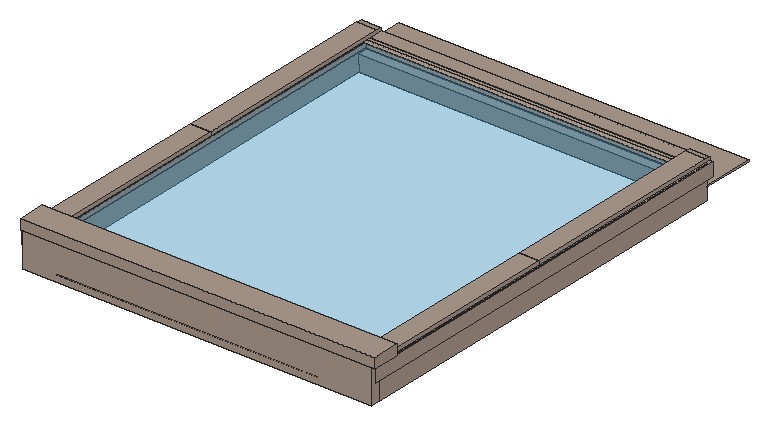
Revit family "GGL_v_1.01", category Окна, Revit 2017
Family settings
  Основа = Крыша
  Всегда вертикально = Нет
  При загрузке вырезать с полостями = Нет
  Общий = Нет
  Точка расчета площади = Нет
Parameters (values of type "Default")
  g-value = "0.66"
  Window Opening Angle = 0.00°
  Window Area = 2.14
  Ширина = 1340.000 mm
  Weight Net (kg) = ""
  Warranty Years = "5 (10 with BDX)"
  Warranty = ""
  Uniclass 2.0 Description = "Roof Window Units"
  Uniclass 2.0 Code = "PR-59-72"
  Uniclass 1.4 Description = "Rooflights/Roof windows"
  Uniclass 1.4 Code = "JL11"
  URL = "http://file-system.ru/catalog/zdaniya_i_sooruzheniya/eksterer/okna/mansardnoe_okno_velux_premium_ggl/"
  UNSPC code = 301516
  UNSPC Category = "Roofing accessories"
  ThermalTransmittance - Glazing = "1.1"
  ThermalTransmittance = "1.3"
  Thermal bridge(glazing) = 0.049
  Thermal bridge = "0.09"
  Thermal Transmittance(frame) = 1.3
  Technical description = ""
  Stock Product = ""
  Square Reveal Length = 150.000 mm
  Sound Insulation db = 32
  Roof Slope = 45.00°
  Product identifier = ""
  Product group = "GGL 1.01"
  Product family = "Center pivot hung roof window"
  Product data url = "http://www.velux.co.uk/private/products/velux_roof_windows/pivot/ggl"
  Product certification = ""
  Product SKU = "ggl101"
  Placement Height = 0.000 mm
  Perimeter Window = 5.88
  Perimeter Glazing = 5.13
  Panel Offset = -119.000 mm  # constant formula
  Operation Mode = "Manuel"
  Offset from Roof = Placement Height + 169.000 mm  # 169.000 mm
  Name of the object = "New Generation - GGL"
  NBS Reference Description = "Roof Window Units"
  NBS Reference = "59-72"
  Группа модели = "New Generation - GGL"
  Material secondary = Glass 73Q + ISD 0000
  Material main = Wood
  Manufacturer country = "Denmark"
  Manufacturer URL = "www.velux.com"
  Изготовитель = "VELUX A/S"  # constant formula
  Light transmittance = "0.80"
  Installation instructions = "http://www.velux.co.uk/professionals/installation"
  IFC Classification = "Window"
  Height = 1600.000 mm
  GlazingAreaFraction = "1.63"
  Function = "pivot hung roof window"
  Frame Area = 0.51
  Emergency Exit = 1 > 2  # no
  Edition number = "1"
  EAN code = ""
  Design country = "Denmark"
  Delivery Time = ""
  Date of publishing = "6/27/2013"
  Copyright = "VELUX A/S"  # constant formula
  COBIe Type Category = ""
  BIMobject Category = "Roof Window"
  Код по классификатору = "B3020110"
  Apron Visible [instance] = yes
  Angled opening top [instance] = 135.00°
  Angled opening bottom [instance] = 135.00°
  Angle = -(Window Opening Angle)  # 0.00°
  Allowed Roof Slope = "15°-90°"
Reference planes
  plane 1 "Center (Front/Back)": y = 0
  plane 2 "Roof": z = 4000
  plane 3 "Center (Left/Right)": x = 0
  plane 4: x = -690.1
  plane 5: x = 690.1
  plane 6: y = 817.55
  plane 7: y = -817.55
  plane 8: y = 75
  plane 9: y = -75
  plane 10: z = 4419
  plane 11: z = 4250
  plane 12: y = -797.55
  plane 13: y = -769.55
  plane 14: y = 769.55
  plane 15: x = -450
  plane 16: x = 450
  plane 17: z = 4331
  plane 18 "Roof Face": z = 4250
  plane 19: x = 463.5
  plane 20: x = -463.5
  plane 21: y = -767.45
  plane 22: z = 4175
  plane 23: y = 897.55
  plane 24: y = -897.55
  plane 25: x = 708.1
  plane 26: x = -708.1
  plane 27: x = 668.602
  plane 28: x = -668.602
  plane 29: x = -628
  plane 30: x = 628
  plane 31: y = -801.85
  plane 32: y = 809.15
  plane 33: x = 670
  plane 34: x = -670
  plane 35: y = 798.15
  plane 36: x = 642.697
  plane 37: x = -642.697
Forms (mm)
  Sweep 1, void
    path origin (0, 0, 4000) x (1, 0, 0) y (0, 1, 0)
      loop
        line (642.697, 0) -> (-642.697, 0)
    profile origin (0, 0, 4000) x (0, -1, 0) y (0, 0, 1)
      loop
        line (769.55, 250) -> (-769.55, 250) -> (-769.55, 100) -> (-869.55, 0) -> (869.55, 0) -> (769.55, 100) -> (769.55, 250)
  Sweep 2, solid, material "Wood" <- "Material main"
    path origin (232.881, -1270, 4419) x (0, -1, 0) y (1, 0, 0)
      loop
        line (-502.55, -922.981) -> (-2068.15, -922.981)
    profile origin (-690.1, 15.35, 4419) x (-1, 0, 0) y (0, 0, 1)
      loop
        line (-56.4, -216) -> (-20.1, -216) -> (-20.1, -88.8) -> (-62.1, -88.8) -> (-62.096, -177.827) -> (-56.4, -216)
  Sweep 3, solid, material "Wood" <- "Material main"
    path origin (232.881, -1270, 4419) x (0, -1, 0) y (1, 0, 0)
      loop
        line (-476.8, -922.981) -> (-2087.55, -922.981)
    profile origin (-690.1, 12.175, 4419) x (-1, 0, 0) y (0, 0, 1)
      loop
        line (-12.998, -138.3) -> (-11.998, -138.3) -> (-11.998, -87.65) -> (-38.148, -87.65) -> (-38.148, -78.15) -> (-39.148, -78.15) -> (-39.148, -88.65) -> (-12.998, -88.65) -> (-12.998, -138.3)
  Sweep 4, solid, material "Wood" <- "Material main"
    path origin (232.881, -1270, 4419) x (0, -1, 0) y (1, 0, 0)
      loop
        line (-2068.15, 457.219) -> (-502.55, 457.219)
    profile origin (690.1, 15.35, 4419) x (1, 0, 0) y (0, 0, 1)
      loop
        line (-20.1, -88.8) -> (-62.1, -88.8) -> (-62.096, -177.8) -> (-56.388, -216) -> (-20.1, -216) -> (-20.1, -88.8)
  Sweep 5, solid, material "Wood" <- "Material main"
    path origin (232.881, -1270, 4419) x (0, -1, 0) y (1, 0, 0)
      loop
        line (-452.45, -901.483) -> (-452.45, 435.721)
    profile origin (0, -817.55, 4419) x (0, 1, 0) y (0, 0, 1)
      loop
        line (31.3, -88.1) -> (15.7, -88.1) -> (15.7, -216) -> (56, -216) -> (56, -141.8) -> (39.4, -141.8) -> (39.4, -109.299) -> (31.3, -106.9) -> (31.3, -88.1)
  Sweep 6, solid, material "Wood" <- "Material main"
    path origin (232.881, -1270, 4419) x (0, -1, 0) y (1, 0, 0)
      loop
        line (-2087.55, 402.721) -> (-2087.55, -859.483)
    profile origin (4.5, 817.55, 4419) x (0, -1, 0) y (0, 0, 1)
      loop
        line (19.4, -216) -> (55.977, -216) -> (55.977, -160) -> (43.65, -160) -> (32.021, -116.6) -> (19.4, -114.078) -> (19.4, -216)
  Sweep 7, solid, material "white paint color NCS 0500-N"
    path origin (232.881, -1270, 4419) x (0, -1, 0) y (1, 0, 0)
      loop
        line (-452.45, -879.381) -> (-452.45, 413.619)
    profile origin (0, -817.55, 4419) x (0, 1, 0) y (0, 0, 1)
      loop
        line (31.3, -68.816) -> (31.3, -105.016) -> (39.4, -108.113) -> (39.4, -141.8) -> (80.4, -141.8) -> (80.4, -79.8) -> (70.4, -79.8) -> (70.4, -61.1) -> (39.556, -61.1) -> (31.3, -68.816)
  Sweep 8, solid, material "Wood" <- "Material main"
    path origin (232.881, -1270, 4419) x (0, -1, 0) y (1, 0, 0)
      loop
        line (-1270, 457.219) -> (-476.8, 457.219)
    profile origin (690.1, -396.6, 4419) x (1, 0, 0) y (0, 0, 1)
      loop
        line (-22.917, -71) -> (-98.287, -71) -> (-98.287, -84.964) -> (-22.917, -84.964) -> (-22.917, -71)
  Sweep 9, solid, material "Wood" <- "Material main"
    path origin (232.881, -1270, 4419) x (0, -1, 0) y (1, 0, 0)
      loop
        line (-452.45, 445.221) -> (-452.45, -910.983)
    profile origin (0, -817.55, 4419) x (0, -1, 0) y (0, 0, 1)
      loop
        line (-120.7, -87.95) -> (-15.7, -87.95) -> (-15.7, -47.9) -> (-120.7, -47.9) -> (-120.7, -87.95)
  Sweep 10, solid, material "Wood" <- "Material main"
    path origin (232.881, -1270, 4419) x (0, -1, 0) y (1, 0, 0)
      loop
        line (-2087.55, 457.219) -> (-476.8, 457.219)
    profile origin (690.1, 12.175, 4419) x (1, 0, 0) y (0, 0, 1)
      loop
        line (-11.998, -138.3) -> (-11.998, -87.65) -> (-38.148, -87.65) -> (-38.148, -78.15) -> (-39.148, -78.15) -> (-39.148, -88.65) -> (-12.998, -88.65) -> (-12.998, -138.3) -> (-11.998, -138.3)
  Sweep 11, solid, material "Wood" <- "Material main"
    path origin (232.881, -1270, 4419) x (0, -1, 0) y (1, 0, 0)
      loop
        line (-1270, -922.981) -> (-476.8, -922.981)
    profile origin (-690.1, -396.6, 4419) x (1, 0, 0) y (0, 0, 1)
      loop
        line (98.287, -71) -> (22.917, -71) -> (22.917, -84.964) -> (98.287, -84.964) -> (98.287, -71)
  Extrusion 12, solid, material "Wood" <- "Material main", visible <- "Apron Visible"
    sketch origin (232.881, -1380, 4250) x (0, -1, 0) y (1, 0, 0)
      loop
        line (-2178.15, -902.881) -> (-2178.15, 437.119) -> (-2378.15, 437.119) -> (-2378.15, -902.881) -> (-2178.15, -902.881)
    from 0 to 5
Cuts and joins
  joined: Sweep 2, Sweep 4, Sweep 5, Sweep 6
Lines and regions (mm)
  reference lines
    curve 1: line (0, 769.55, 4100) -> (0, -769.55, 4100)
    curve 2: line (0, 769.55, 4100) -> (0, 1179.961, 3689.589)
    curve 3: line (0, -769.55, 4100) -> (0, -1208.246, 3661.304)
    curve 8: line (-690.1, 0, 4419) -> (690.1, 0, 4419)
    curve 9: line (0, 0, 4250) -> (0, 900, 4250)
  symbolic lines
    curve 4: line (-690.1, 817.55, 4000) -> (0, -75, 4000)
    curve 5: line (0, -75, 4000) -> (690.1, 817.55, 4000)
    curve 6: line (-690.1, -817.55, 4000) -> (0, 75, 4000)
    curve 7: line (0, 75, 4000) -> (690.1, -817.55, 4000)
Dimensions and locks
  equal spacing: host sketch curve, plane 3 "Center (Left/Right)", host sketch curve
  equal spacing: host sketch curve, plane 1 "Center (Front/Back)", host sketch curve
  equal spacing: plane 4, plane 3 "Center (Left/Right)", plane 5
  "Ширина": plane 34 to plane 33
  equal spacing: plane 6, plane 1 "Center (Front/Back)", plane 7
  "Height": plane 35 to plane 31
  "Square Reveal Length": plane 18 "Roof Face" to curve 1
  plane 8 to plane 1 "Center (Front/Back)" to plane 9 = 75.000 mm locked, 75.000 mm locked
  locked: plane 7 to plane 12 at 20
  locked: plane 16 to plane 19 at 13.5
  locked: plane 20 to plane 15 at 13.5
  locked: plane 21 to plane 13 at 2.1
  locked: plane 27 to plane 5 at 21.498
  locked: plane 4 to plane 28 at 21.498
  locked: plane 13 to plane 24 at 128
  locked: plane 23 to plane 14 at 128
  locked: plane 7 to plane 13 at 48
  locked: plane 26 to plane 4 at 18
  locked: plane 5 to plane 25 at 18
  locked: plane 23 to plane 6 at 80
  locked: plane 10 to plane 11 at 169
  "Offset from Roof": plane 10 to host roof
  locked: plane 4 to plane 29 at 62.1
  locked: plane 30 to plane 5 at 62.1
  locked: plane 6 to plane 32 at 8.4
  locked: plane 31 to plane 12 at 4.3
  locked: plane 4 to plane 34 at 20.1
  locked: plane 33 to plane 5 at 20.1
  locked: Extrusion 12 sketch curve to Extrusion 12 sketch curve at 200
  locked: plane 32 to plane 35 at 11
  locked: plane 37 to plane 29 at 14.697
  locked: plane 36 to plane 30 at 14.697
  "Angled opening bottom": angle curve 2 to curve 1
  "Angled opening top": angle curve 1 to curve 3
  "Window Opening Angle": angle plane 11 to curve 9
  aligned and locked: level to plane 2 "Roof"
  aligned and locked: Sweep 1 sketch curve to plane 1 "Center (Front/Back)"
  aligned and locked: host roof to Sweep 1 sketch curve  (x2)
  aligned and locked: Sweep 1 sketch curve to curve 2
  aligned and locked: Sweep 1 sketch curve to curve 3
  aligned and locked: Sweep 2 sketch curve to plane 4
  aligned and locked: Sweep 3 sketch curve to plane 4
  aligned and locked: plane 6 to Sweep 3 sketch curve
  aligned and locked: Sweep 4 sketch curve to plane 5
  aligned and locked: Sweep 6 sketch curve to plane 6
  aligned and locked: Sweep 7 sketch curve to plane 7
  aligned and locked: plane 1 "Center (Front/Back)" to Sweep 8 sketch curve
  aligned and locked: Sweep 9 sketch curve to plane 7
  aligned and locked: Sweep 10 sketch curve to plane 5
  aligned and locked: Sweep 10 sketch curve to plane 6
  aligned and locked: Sweep 9 sketch curve to Sweep 10
  aligned and locked: Sweep 3 to Sweep 9 sketch curve
  aligned and locked: plane 1 "Center (Front/Back)" to Sweep 11 sketch curve
  aligned and locked: plane 13 to curve 1
  aligned and locked: Sweep 1 sketch curve to plane 13
  aligned and locked: plane 14 to Sweep 1 sketch curve
  aligned and locked: plane 14 to curve 1
  aligned and locked: plane 14 to curve 2
  aligned and locked: Sweep 4 sketch curve to plane 21
  aligned and locked: plane 21 to Sweep 2 sketch curve
  aligned and locked: Sweep 5 sketch curve to plane 27
  aligned and locked: plane 28 to Sweep 5 sketch curve
  aligned and locked: host roof to plane 18 "Roof Face"
  aligned and locked: plane 34 to Extrusion 12 sketch curve
  aligned and locked: Extrusion 12 sketch curve to plane 33
  aligned and locked: Sweep 6 sketch curve to plane 35
  aligned and locked: plane 35 to Sweep 2 sketch curve
  aligned and locked: Sweep 4 sketch curve to plane 35
  aligned and locked: Extrusion 12 sketch curve to plane 35
  aligned and locked: plane 34 to Sweep 2 sketch curve
  aligned and locked: plane 37 to Sweep 1 sketch curve
  aligned and locked: plane 36 to Sweep 1 sketch curve
Automatic sketch dimensions
  plane 1 "Center (Front/Back)" to curve 8 = 0.000 mm
  curve 8 to plane 5 = 0.000 mm
  plane 4 to curve 8 = 0.000 mm
  profile plane to Sweep 3 sketch curve = 39.148 mm
  Sweep 3 sketch curve to Sweep 3 sketch curve = 1.000 mm  (x3)
  profile plane to Sweep 3 sketch curve = 12.998 mm
  Sweep 3 sketch curve to profile plane = 138.300 mm
  Sweep 3 sketch curve to Sweep 3 sketch curve = 49.650 mm
  Sweep 3 sketch curve to Sweep 3 sketch curve = 9.500 mm
  plane 7 to Sweep 5 sketch curve = 0.000 mm
  Sweep 6 sketch curve to plane 4 = 63.498 mm
  profile plane to Sweep 10 sketch curve = 39.148 mm
  Sweep 10 sketch curve to Sweep 10 sketch curve = 1.000 mm  (x3)
  profile plane to Sweep 10 sketch curve = 12.998 mm
  Sweep 10 sketch curve to profile plane = 138.300 mm
  Sweep 10 sketch curve to profile plane = 88.650 mm
  Sweep 10 sketch curve to Sweep 10 sketch curve = 9.500 mm
  curve 6 to plane 7 = 0.000 mm
  curve 4 to plane 6 = 0.000 mm
  curve 7 to plane 8 = 0.000 mm
  curve 5 to plane 3 "Center (Left/Right)" = 0.000 mm
  curve 7 to plane 5 = 0.000 mm
  curve 5 to plane 5 = 0.000 mm
  plane 7 to curve 7 = 0.000 mm
  plane 9 to curve 5 = 0.000 mm
  plane 6 to curve 5 = 0.000 mm
  curve 6 to plane 3 "Center (Left/Right)" = 0.000 mm
  plane 4 to curve 4 = 0.000 mm
  plane 4 to curve 6 = 0.000 mm
  Sweep 8 sketch curve to plane 5 = 0.000 mm
  Sweep 11 sketch curve to profile plane = 22.917 mm
  Sweep 11 sketch curve to Sweep 11 sketch curve = 75.370 mm
  Sweep 11 sketch curve to plane 10 = 84.964 mm
  Sweep 11 sketch curve to Sweep 11 sketch curve = 13.964 mm
  profile plane to Sweep 8 sketch curve = 98.287 mm
  profile plane to Sweep 8 sketch curve = 22.917 mm
  Sweep 8 sketch curve to profile plane = 84.964 mm
  Sweep 8 sketch curve to Sweep 8 sketch curve = 13.964 mm
  profile plane to Sweep 9 sketch curve = 120.700 mm
  Sweep 11 sketch curve to plane 4 = 0.000 mm
  Sweep 10 sketch curve to plane 7 = 24.350 mm
  Sweep 3 sketch curve to plane 7 = 24.350 mm
  profile plane to Sweep 4 sketch curve = 20.100 mm
  Sweep 6 sketch curve to plane 5 = 54.498 mm
  Sweep 7 sketch curve to profile plane = 31.300 mm
  Sweep 7 sketch curve to Sweep 7 sketch curve = 8.100 mm
  Sweep 7 sketch curve to Sweep 7 sketch curve = 8.256 mm
  Sweep 7 sketch curve to Sweep 7 sketch curve = 30.844 mm
  Sweep 7 sketch curve to Sweep 7 sketch curve = 10.000 mm
  Sweep 7 sketch curve to profile plane = 141.800 mm
  Sweep 7 sketch curve to Sweep 7 sketch curve = 33.687 mm
  Sweep 7 sketch curve to Sweep 7 sketch curve = 3.097 mm
  Sweep 7 sketch curve to Sweep 7 sketch curve = 36.200 mm
  Sweep 7 sketch curve to Sweep 7 sketch curve = 7.716 mm
  Sweep 7 sketch curve to Sweep 7 sketch curve = 18.700 mm
  Sweep 9 sketch curve to profile plane = 47.900 mm
  Sweep 9 sketch curve to Sweep 9 sketch curve = 40.050 mm
  Sweep 8 sketch curve to plane 12 = 4.350 mm
  Sweep 11 sketch curve to plane 12 = 4.350 mm
  profile plane to Sweep 9 sketch curve = 15.700 mm
  profile plane to Sweep 2 sketch curve = 62.100 mm
  profile plane to Sweep 2 sketch curve = 62.096 mm
  Sweep 2 sketch curve to Sweep 2 sketch curve = 5.696 mm
  Sweep 2 sketch curve to profile plane = 88.800 mm
  Sweep 2 sketch curve to Sweep 2 sketch curve = 127.200 mm
  Sweep 2 sketch curve to Sweep 2 sketch curve = 38.173 mm
  Sweep 2 sketch curve to Sweep 2 sketch curve = 0.000 mm
  Sweep 7 sketch curve to plane 29 = 18.500 mm
  Sweep 4 sketch curve to Sweep 4 sketch curve = 38.200 mm
  Sweep 4 sketch curve to Sweep 4 sketch curve = 42.000 mm
  Sweep 4 sketch curve to Sweep 4 sketch curve = 41.996 mm
  Sweep 4 sketch curve to Sweep 4 sketch curve = 36.288 mm
  Sweep 4 sketch curve to profile plane = 216.000 mm
  Sweep 4 sketch curve to Sweep 4 sketch curve = 0.000 mm
  Sweep 4 sketch curve to profile plane = 88.800 mm
  Sweep 7 sketch curve to plane 30 = 18.500 mm
  Sweep 5 sketch curve to profile plane = 15.700 mm
  Sweep 5 sketch curve to Sweep 5 sketch curve = 15.600 mm
  Sweep 5 sketch curve to Sweep 5 sketch curve = 8.100 mm
  Sweep 5 sketch curve to Sweep 5 sketch curve = 16.600 mm
  Sweep 5 sketch curve to profile plane = 216.000 mm
  Sweep 5 sketch curve to Sweep 5 sketch curve = 74.200 mm
  Sweep 5 sketch curve to Sweep 5 sketch curve = 32.501 mm
  Sweep 5 sketch curve to Sweep 5 sketch curve = 2.399 mm
  Sweep 5 sketch curve to Sweep 5 sketch curve = 18.800 mm
  Sweep 6 sketch curve to Sweep 6 sketch curve = 12.621 mm
  Sweep 6 sketch curve to profile plane = 43.650 mm
  Sweep 6 sketch curve to Sweep 6 sketch curve = 12.327 mm
  Sweep 6 sketch curve to profile plane = 216.000 mm
  Sweep 6 sketch curve to Sweep 6 sketch curve = 56.000 mm
  Sweep 6 sketch curve to Sweep 6 sketch curve = 43.400 mm
  Sweep 6 sketch curve to Sweep 6 sketch curve = 2.522 mm
  curve 9 to plane 1 "Center (Front/Back)" = 0.000 mm
  plane 11 to curve 9 = 0.000 mm
Nested families
  nested 1: "GGL v.22_Openable" at (0, 0, 4131) x (-1, 0, 0) z (0, 0, 1), built-in parameter 1001364 <- "Panel Offset", type "GGL v.22_Openable"
    with Window Opening Angle 0.00°
Definition of nested family "GGL v.22_Openable"
  Parameters
    Window Opening Angle = 45.00°
    Width = 1340.000 mm
    Material Internal = none
    Material External = none
    Height = 1600.000 mm
    Glazing = none
    Default Elevation = 1219.200 mm
    Assembly Code = ""
  Reference planes
    plane 1 "Center (Front/Back)": y = 0
    plane 2: z = 0
    plane 3 "Center (Left/Right)": x = 0
    plane 4: z = 119
  Forms (mm)
    Sweep 1, solid, material <- "Material Internal"
      path origin (0, 0, 119) x (0, -0.707107, 0.707107) y (1, 0, 0)
        loop
          line (-817.55, 593.9) -> (-817.55, -593.9)
      profile origin (0, 578.095, -459.095) x (0, -0.707107, 0.707107) y (0, 0.707107, 0.707107)
        loop
          line (85.072, 11.857) -> (60.5, 7.745) -> (60.5, -18.705) -> (115.096, -18.705) -> (122.727, 53.9) -> (103.6, 53.9) -> (103.6, 79.9) -> (85.072, 79.9) -> (85.072, 11.857)
        loop
          circle (94.835, -64.876) r 11.99
    Sweep 2, solid, material <- "Material Internal"
      path origin (0, 0, 119) x (0, -0.707107, 0.707107) y (1, 0, 0)
        loop
          line (817.55, -593.9) -> (817.55, 593.9)
      profile origin (0, -578.095, 697.095) x (0, 0.707107, -0.707107) y (0, 0.707107, 0.707107)
        loop
          line (41.589, -12.8) -> (103.517, -12.8) -> (110.526, 53.892) -> (69.398, 53.892) -> (69.398, 83.3) -> (54.407, 83.3) -> (53.746, 79.556) -> (-4.292, 79.556) -> (-3.889, 64.189) -> (41.589, 55.102) -> (41.589, -12.8)
    Sweep 3, solid, material <- "Material Internal"
      path origin (0, 0, 119) x (0, -0.707107, 0.707107) y (1, 0, 0)
        loop
          line (775.961, 690.1) -> (-732.55, 690.1)
      profile origin (690.1, -15.348, 134.348) x (-1, 0, 0) y (0, 0.707107, 0.707107)
        loop
          line (65.2, -12.8) -> (96.2, -12.8) -> (96.2, 79.9) -> (65.2, 79.9) -> (65.2, -12.8)
    Sweep 4, solid, material <- "Material Internal"
      path origin (0, 0, 119) x (0, -0.707107, 0.707107) y (1, 0, 0)
        loop
          line (-732.55, -690.1) -> (775.961, -690.1)
      profile origin (-690.1, -15.348, 134.348) x (1, 0, 0) y (0, 0.707107, 0.707107)
        loop
          line (96.2, -12.8) -> (96.2, 79.9) -> (65.2, 79.9) -> (65.2, -12.8) -> (96.2, -12.8)
    Extrusion 5, solid, material <- "Glazing"
      sketch origin (0, 0, 119) x (0, -0.707107, 0.707107) y (1, 0, 0)
        loop
          line (745.55, 593.1) -> (-707.55, 593.1) -> (-707.55, -593.1) -> (745.55, -593.1) -> (745.55, 593.1)
      from 54 to 58
    Extrusion 6, solid, material <- "Glazing"
      sketch origin (0, 0, 119) x (0, -0.707107, 0.707107) y (1, 0, 0)
        loop
          line (745.55, 593.1) -> (-707.55, 593.1) -> (-707.55, -593.1) -> (745.55, -593.1) -> (745.55, 593.1)
      from 75.5 to 79.5
    Sweep 7, solid, material <- "Material External"
      path origin (0, 0, 119) x (0, -0.707107, 0.707107) y (1, 0, 0)
        loop
          line (817.55, -650.5) -> (817.55, 650.5)
      profile origin (0, -578.095, 697.095) x (0, 0.707107, -0.707107) y (0, 0.707107, 0.707107)
        loop
          arc (83.524, 81.097) -> (76.247, 83.416) -> (68.65, 84.2) r 37.2
          line (68.65, 84.2) -> (51.813, 84.2) -> (51.171, 80.556) -> (-6.8, 80.556) -> (-6.8, 30.3) -> (-5.8, 30.3) -> (-5.8, 79.556) -> (52.01, 79.556) -> (52.652, 83.2) -> (68.65, 83.2)
          arc (68.65, 83.2) -> (76.194, 82.405) -> (83.406, 80.056) r 36.2
          line (83.406, 80.056) -> (83.524, 81.097)
    Sweep 8, solid, material <- "Material External"
      path origin (0, 0, 119) x (0, -0.707107, 0.707107) y (1, 0, 0)
        loop
          line (817.55, 690.1) -> (0, 690.1)
      profile origin (690.1, -289.048, 408.048) x (-1, 0, 0) y (0, 0.707107, 0.707107)
        loop
          line (98.287, 84.036) -> (98.287, 98) -> (22.917, 98) -> (22.917, 84.036) -> (98.287, 84.036)
    Sweep 9, solid, material <- "Material External"
      path origin (0, 0, 119) x (0, -0.707107, 0.707107) y (1, 0, 0)
        loop
          line (0, -690.1) -> (817.55, -690.1)
      profile origin (-690.1, -289.048, 408.048) x (1, 0, 0) y (0, 0.707107, 0.707107)
        loop
          line (22.917, 84.036) -> (98.287, 84.036) -> (98.287, 98) -> (22.917, 98) -> (22.917, 84.036)
    Sweep 10, solid, material <- "Material Internal"
      path origin (0, 0, 119) x (0, -0.707107, 0.707107) y (1, 0, 0)
        loop
          line (-757.05, -593.9) -> (-757.05, -578.9)
      profile origin (-586.4, 535.315, -416.315) x (0, 0.707107, -0.707107) y (0, 0.707107, 0.707107)
        loop
          arc (-45.33, -60.094) -> (-41.079, -74.789) -> (-25.85, -73.347) r 11.99
          arc (-25.85, -73.347) -> (-8.284, -48.221) -> (0, -18.705) r 91.534
          line (0, -18.705) -> (-44.831, -18.705)
          arc (-44.831, -18.705) -> (-38.204, -39.482) -> (-45.33, -60.094) r 34.582
    Sweep 11, solid, material <- "Material Internal"
      path origin (0, 0, 119) x (0, -0.707107, 0.707107) y (1, 0, 0)
        loop
          line (-757.05, 593.9) -> (-757.05, 578.9)
      profile origin (586.4, 535.315, -416.315) x (0, -0.707107, 0.707107) y (0, 0.707107, 0.707107)
        loop
          arc (45.33, -60.094) -> (38.204, -39.482) -> (44.831, -18.705) r 34.582
          line (44.831, -18.705) -> (0, -18.705)
          arc (0, -18.705) -> (8.284, -48.221) -> (25.85, -73.347) r 91.534
          arc (25.85, -73.347) -> (41.079, -74.789) -> (45.33, -60.094) r 11.99
    Sweep 12, solid, material <- "Material Internal"
      path origin (0, 0, 119) x (0, -0.707107, 0.707107) y (1, 0, 0)
        loop
          line (-817.55, 7.5) -> (-817.55, -7.5)
      profile origin (0, 578.095, -459.095) x (0, -0.707107, 0.707107) y (0, 0.707107, 0.707107)
        loop
          arc (105.83, -60.094) -> (98.704, -39.482) -> (105.331, -18.705) r 34.582
          line (105.331, -18.705) -> (60.5, -18.705)
          arc (60.5, -18.705) -> (68.784, -48.221) -> (86.35, -73.347) r 91.534
          arc (86.35, -73.347) -> (101.579, -74.789) -> (105.83, -60.094) r 11.99
    Sweep 13, void
      path origin (667.183, -508.799, 766.392) x (0, 0.707107, -0.707107) y (-1, 0, 0)
        loop
          line (0, 0) -> (0, 75.37)
      profile origin (629.498, -508.799, 766.392) x (0, -0.707107, 0.707107) y (0, 0.707107, 0.707107)
        loop
          line (0, 0) -> (-20, 0) -> (0, -3.5) -> (0, 0)
    Sweep 14, void
      path origin (-667.183, 69.296, 188.296) x (0, -0.707107, 0.707107) y (1, 0, 0)
        loop
          line (817.55, 0) -> (817.55, 75.37)
      profile origin (-629.498, -508.799, 766.392) x (0, 0.707107, -0.707107) y (0, 0.707107, 0.707107)
        loop
          line (0, 0) -> (0, -3.5) -> (20, 0) -> (0, 0)
  Cuts and joins
    joined: Sweep 1, Sweep 10, Sweep 11, Sweep 12
    Sweep 13, Sweep 14 cuts Sweep 2
    Sweep 13, Sweep 14 cuts Sweep 7
    Sweep 13 cuts Sweep 8
    Sweep 14 cuts Sweep 9
  Lines and regions (mm)
    reference lines
      curve 1: line (0, 0, 119) -> (0, -1187.939, 1306.939)
      curve 2: line (0, 0, 119) -> (0, 664.68, 783.68)
      curve 3: line (690.1, -578.095, 697.095) -> (690.1, 578.095, -459.095)
      curve 4: line (-690.1, -578.095, 697.095) -> (690.1, -578.095, 697.095)
      curve 5: line (-690.1, 578.095, -459.095) -> (-690.1, -578.095, 697.095)
      curve 6: line (690.1, 578.095, -459.095) -> (-690.1, 578.095, -459.095)
      curve 7: line (0, 0, 119) -> (-360, 0, 119)
      curve 8: line (-690.1, -527.183, 646.183) -> (690.1, -527.183, 646.183)
      curve 9: line (690.1, 500.313, -381.313) -> (-690.1, 500.313, -381.313)
      curve 10: line (593.1, -578.095, 697.095) -> (593.1, 500.313, -381.313)
      curve 11: line (-593.1, 500.313, -381.313) -> (-593.1, -578.095, 697.095)
      curve 12: line (690.1, 517.991, -398.991) -> (-690.1, 517.991, -398.991)
      curve 13: line (690.1, 566.994, -447.994) -> (-690.1, 566.994, -447.994)
      curve 14: line (-690.1, -572.155, 691.155) -> (690.1, -572.155, 691.155)
      curve 15: line (670, -578.095, 697.095) -> (670, 578.095, -459.095)
      curve 16: line (-670, 578.095, -459.095) -> (-670, -578.095, 697.095)
      curve 17: line (-690.1, -564.377, 683.377) -> (690.1, -564.377, 683.377)
  Dimensions and locks
    locked: plane 4 to level at 119
    equal spacing: curve 5, curve 1, curve 3
    "Width": curve 16 to curve 15
    equal spacing: curve 6, curve 7, curve 4
    "Height": curve 17 to curve 13
    locked: curve 4 to curve 8 at 72
    locked: curve 6 to curve 9 at 110
    locked: curve 10 to curve 3 at 97
    locked: curve 5 to curve 11 at 97
    locked: curve 4 to Sweep 3 sketch curve at 41.589
    locked: curve 4 to Sweep 4 sketch curve at 41.589
    locked: curve 6 to curve 12 at 85
    locked: Sweep 10 sketch curve to cut or joined group of Sweep 1, Sweep 10, Sweep 11, Sweep 12 at 15
    locked: Sweep 11 sketch curve to cut or joined group of Sweep 1, Sweep 10, Sweep 11, Sweep 12 at 15
    Sweep 12 sketch curve to curve 1 to Sweep 12 sketch curve = 7.500 mm locked, 7.500 mm locked
    locked: curve 4 to curve 14 at 8.4
    locked: curve 6 to curve 13 at 15.7
    locked: curve 15 to curve 3 at 20.1
    locked: curve 5 to curve 16 at 20.1
    locked: curve 14 to curve 17 at 11
    locked: Sweep 3 to Sweep 7 sketch curve at 56.6
    locked: Sweep 7 sketch curve to Sweep 4 at 56.6
    "Window Opening Angle": angle plane 4 to curve 1
    locked: curve 1 to curve 2 (angle 90.00°)
    locked: curve 7 to curve 1 (angle 90.00°)
    locked: curve 7 to curve 2 (angle 90.00°)
    aligned and locked: level to plane 2
    aligned and locked: curve 6 to Sweep 1 sketch curve
    aligned and locked: curve 4 to Sweep 2 sketch curve
    aligned and locked: curve 3 to Sweep 3 sketch curve
    aligned and locked: curve 5 to Sweep 4 sketch curve
    aligned and locked: curve 10 to Extrusion 5 sketch curve
    aligned and locked: curve 8 to Extrusion 5 sketch curve
    aligned and locked: Extrusion 5 sketch curve to curve 11
    aligned and locked: curve 9 to Extrusion 5 sketch curve
    aligned and locked: curve 10 to Extrusion 6 sketch curve
    aligned and locked: curve 8 to Extrusion 6 sketch curve
    aligned and locked: Extrusion 6 sketch curve to curve 11
    aligned and locked: curve 9 to Extrusion 6 sketch curve
    aligned and locked: curve 4 to Sweep 7 sketch curve
    aligned and locked: curve 3 to Sweep 8 sketch curve
    aligned and locked: curve 5 to Sweep 9 sketch curve
    aligned and locked: Sweep 9 sketch curve to curve 4
    aligned and locked: curve 7 to Sweep 9 sketch curve
    aligned and locked: curve 4 to Sweep 8 sketch curve
    aligned and locked: Sweep 8 sketch curve to curve 7
    aligned and locked: Sweep 3 sketch curve to curve 12
    aligned and locked: curve 12 to Sweep 4 sketch curve
    aligned and locked: Sweep 10 sketch curve to cut or joined group of Sweep 1, Sweep 10, Sweep 11, Sweep 12  (x2)
    aligned and locked: cut or joined group of Sweep 1, Sweep 10, Sweep 11, Sweep 12 to Sweep 11 sketch curve
    aligned and locked: Sweep 11 sketch curve to cut or joined group of Sweep 1, Sweep 10, Sweep 11, Sweep 12
    aligned and locked: curve 6 to Sweep 12 sketch curve
    aligned and locked: Sweep 13 sketch curve to Sweep 8  (x3)
    aligned and locked: Sweep 8 to Sweep 13 sketch curve
    aligned and locked: profile plane to Sweep 13 sketch curve
    aligned and locked: Sweep 14 sketch curve to Sweep 9  (x3)
    aligned and locked: Sweep 9 to Sweep 14 sketch curve
    aligned and locked: profile plane to Sweep 14 sketch curve
    aligned and locked: Sweep 2 sketch curve to Sweep 4
    aligned and locked: Sweep 3 to Sweep 2 sketch curve
    aligned and locked: Sweep 4 to Sweep 1 sketch curve
    aligned and locked: Sweep 1 sketch curve to Sweep 3
  Automatic sketch dimensions
    curve 2 to plane 1 "Center (Front/Back)" = 0.000 mm
    curve 2 to plane 4 = 0.000 mm
    curve 7 to curve 1 = 0.000 mm
    curve 7 to curve 1 = 360.000 mm
    profile plane to Sweep 1 sketch curve = 7.745 mm
    Sweep 1 sketch curve to profile plane = 60.500 mm
    profile plane to Sweep 1 sketch curve = 11.857 mm
    Sweep 1 sketch curve to Sweep 1 sketch curve = 24.572 mm
    Sweep 1 sketch curve to Sweep 1 sketch curve = 34.335 mm
    Sweep 1 sketch curve to Sweep 1 sketch curve = 18.528 mm
    Sweep 1 sketch curve to profile plane = 18.705 mm
    Sweep 1 sketch curve to Sweep 1 sketch curve = 30.024 mm
    profile plane to Sweep 1 sketch curve = 53.900 mm
    Sweep 1 sketch curve to Sweep 1 sketch curve = 19.127 mm
    Sweep 1 sketch curve to Sweep 1 sketch curve = 46.170 mm
    Sweep 1 sketch curve to Sweep 1 sketch curve = 26.000 mm
    profile plane to Sweep 2 sketch curve = 4.292 mm
    profile plane to Sweep 2 sketch curve = 3.889 mm
    Sweep 2 sketch curve to profile plane = 12.800 mm
    Sweep 2 sketch curve to profile plane = 41.589 mm
    Sweep 2 sketch curve to Sweep 2 sketch curve = 12.158 mm
    Sweep 2 sketch curve to Sweep 2 sketch curve = 0.660 mm
    Sweep 2 sketch curve to Sweep 2 sketch curve = 27.809 mm
    Sweep 2 sketch curve to Sweep 2 sketch curve = 61.928 mm
    profile plane to Sweep 2 sketch curve = 53.892 mm
    Sweep 2 sketch curve to Sweep 2 sketch curve = 41.128 mm
    Sweep 2 sketch curve to Sweep 2 sketch curve = 1.210 mm
    Sweep 2 sketch curve to Sweep 2 sketch curve = 9.087 mm
    Sweep 2 sketch curve to Sweep 2 sketch curve = 15.367 mm
    Sweep 2 sketch curve to Sweep 2 sketch curve = 3.744 mm
    Sweep 7 sketch curve to Sweep 7 sketch curve = 0.000 mm  (x2)
    profile plane to Sweep 7 sketch curve = 6.800 mm
    Sweep 7 sketch curve to Sweep 7 sketch curve = 1.000 mm  (x2)
    Sweep 7 sketch curve to profile plane = 51.171 mm
    Sweep 7 sketch curve to Sweep 7 sketch curve = 0.643 mm
    Sweep 7 sketch curve to Sweep 7 sketch curve = 0.839 mm  (x2)
    Sweep 7 sketch curve to Sweep 7 sketch curve = 15.998 mm
    Sweep 7 sketch curve to Sweep 7 sketch curve = 14.756 mm
    Sweep 7 sketch curve to Sweep 7 sketch curve = 0.118 mm
    profile plane to Sweep 7 sketch curve = 30.300 mm
    profile plane to Sweep 7 sketch curve = 47.000 mm
    Sweep 7 sketch curve to Sweep 7 sketch curve = 32.556 mm
    Sweep 7 sketch curve to Sweep 7 sketch curve = 0.500 mm
    Sweep 7 sketch curve to Sweep 7 sketch curve = 1.041 mm
    Sweep 8 sketch curve to profile plane = 22.917 mm
    Sweep 8 sketch curve to Sweep 8 sketch curve = 75.370 mm
    profile plane to Sweep 8 sketch curve = 84.036 mm
    Sweep 8 sketch curve to Sweep 8 sketch curve = 13.964 mm
    Sweep 9 sketch curve to profile plane = 22.917 mm
    Sweep 9 sketch curve to Sweep 9 sketch curve = 75.370 mm
    profile plane to Sweep 9 sketch curve = 84.036 mm
    Sweep 9 sketch curve to Sweep 9 sketch curve = 13.964 mm
    Sweep 10 sketch curve to profile plane = 0.000 mm
    profile plane to Sweep 10 sketch curve = 25.850 mm
    Sweep 10 sketch curve to Sweep 10 sketch curve = 8.485 mm
    Sweep 10 sketch curve to profile plane = 18.705 mm
    profile plane to Sweep 10 sketch curve = 44.831 mm
    Sweep 10 sketch curve to Sweep 10 sketch curve = 10.995 mm
    Sweep 10 sketch curve to Sweep 10 sketch curve = 27.454 mm
    Sweep 10 sketch curve to profile plane = 9.078 mm
    Sweep 10 sketch curve to Sweep 10 sketch curve = 18.243 mm
    Sweep 10 sketch curve to Sweep 10 sketch curve = 8.471 mm
    profile plane to Sweep 11 sketch curve = 0.000 mm
    Sweep 11 sketch curve to profile plane = 25.850 mm
    Sweep 11 sketch curve to Sweep 11 sketch curve = 8.485 mm
    Sweep 11 sketch curve to profile plane = 18.705 mm
    Sweep 11 sketch curve to Sweep 11 sketch curve = 44.831 mm
    Sweep 11 sketch curve to Sweep 11 sketch curve = 10.995 mm
    Sweep 11 sketch curve to Sweep 11 sketch curve = 27.454 mm
    Sweep 11 sketch curve to profile plane = 9.078 mm
    Sweep 11 sketch curve to Sweep 11 sketch curve = 18.243 mm
    Sweep 11 sketch curve to Sweep 11 sketch curve = 8.471 mm
    Sweep 12 sketch curve to profile plane = 18.705 mm
    Sweep 12 sketch curve to profile plane = 60.500 mm
    Sweep 12 sketch curve to Sweep 12 sketch curve = 25.850 mm
    Sweep 12 sketch curve to Sweep 12 sketch curve = 8.485 mm
    Sweep 12 sketch curve to Sweep 12 sketch curve = 44.831 mm
    Sweep 12 sketch curve to Sweep 12 sketch curve = 10.995 mm
    Sweep 12 sketch curve to Sweep 12 sketch curve = 27.454 mm
    Sweep 12 sketch curve to profile plane = 9.078 mm
    Sweep 12 sketch curve to Sweep 12 sketch curve = 18.243 mm
    Sweep 12 sketch curve to Sweep 12 sketch curve = 8.471 mm
    profile plane to Sweep 13 sketch curve = 20.000 mm
    Sweep 13 sketch curve to Sweep 13 sketch curve = 3.500 mm
    Sweep 14 sketch curve to profile plane = 20.000 mm
    Sweep 14 sketch curve to Sweep 14 sketch curve = 3.500 mm
    Sweep 3 sketch curve to profile plane = 12.800 mm
    Sweep 3 sketch curve to profile plane = 65.200 mm
    Sweep 4 sketch curve to Sweep 4 sketch curve = 31.000 mm
    Sweep 4 sketch curve to profile plane = 65.200 mm
    Sweep 4 sketch curve to Sweep 4 sketch curve = 92.700 mm
    Sweep 4 sketch curve to profile plane = 12.800 mm
    Sweep 3 sketch curve to Sweep 3 sketch curve = 31.000 mm
    profile plane to Sweep 3 sketch curve = 79.900 mm
    radius of Sweep 1 sketch curve = 11.990 mm
